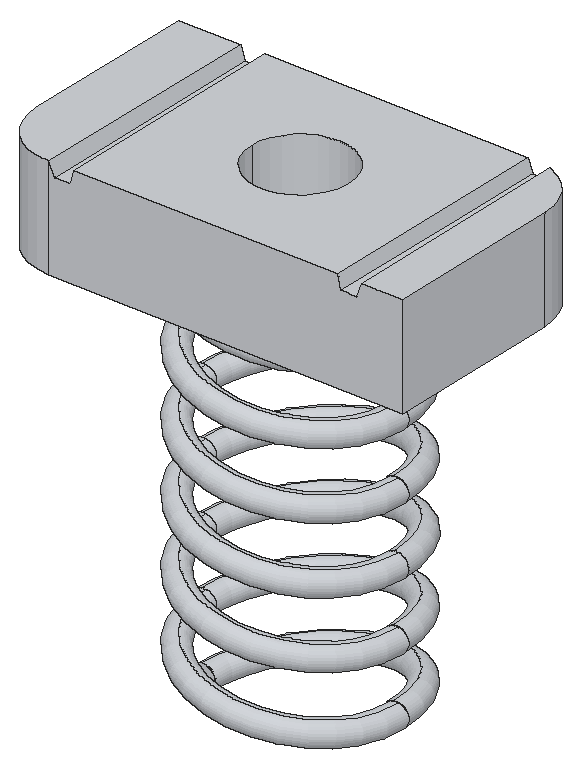
Revit family "CS29", category Generic Models, Revit 2017
Family settings
  Can host rebar = No
  Round Connector Dimension = Use Diameter
  Part Type = Normal
  Work Plane-Based = Yes
  Always vertical = No
  Cut with Voids When Loaded = No
  Shared = No
  Room Calculation Point = No
Parameters (values of type "NBS Standard Parameters")
  Weight = "0.0287Kg"
  WarrantyStartDate [instance] = "1900-12-31T23:59:59"
  WarrantyGuarantorParts = "n/a"
  WarrantyGuarantorLabor = "n/a"
  WarrantyDurationUnit = "year"
  WarrantyDurationParts = "n/a"
  WarrantyDurationLabor = "n/a"
  WarrantyDescription = "n/a"
  Version = "1"
  Uniclass2 = "Pr_65_70_11_19"
  TagNumber [instance] = "n/a"
  SustainabilityPerformance = "n/a"
  Size = "M8"
  Shape = "Rectangular"
  SerialNumber [instance] = "n/a"
  Revision = "n/a"
  ReplacementCost = "n/a"
  ProductInformation = ""
  NominalWidth = 19.5 mm
  NominalLength = 34.5 mm
  NominalHeight = 6 mm
  Name = ""
  NBSTypeID = ""
  NBSReference = "90-55-10/305"
  NBSOfficeMasterTag = ""
  NBSNote = ""
  NBSDescription = "Channel Cable Support"
  NBSCertification = ""
  ModelReference = "CS29"
  ModelNumber = "n/a"
  Material = "Steel"
  ManufacturerURL = "www.metpro.co.uk"
  ManufacturerName = "Metpro Ltd"
  InstallationDate [instance] = "1900-12-31T23:59:59"
  IfcExportType = ""
  IfcExportAs = ""
  Grade = "n/a"
  Finish = "BZP"
  Features = "n/a"
  ExpectedLife = "n/a"
  DurationUnit = "year"
  Description = "NBS standard template"
  Default Elevation = 1219.2 mm
  Constituents = "n/a"
  Color = "n/a"
  CodePerformance = "n/a"
  Category = "n/a"
  BarCode [instance] = "n/a"
  BIMObjectName = "Role_Source_Type_Generic"
  Author = "Metpro limited"
  AssetType = ""
  AssetIdentifier [instance] = "n/a"
  AccessibilityPerformance = "n/a"
Reference planes
  plane 1 "Center (Front/Back)": y = 0
  plane 2: z = 0
  plane 3 "Center (Left/Right)": x = 0
Forms (mm)
  Sweep 1, solid
    path origin (-26.459, 121.193, 18.805) x (0, -1, 0.000002) y (-0.984808, 0, 0.173648)
      loop
        arc (100.907, -53) -> (108.907, -45) -> (100.907, -37) r 8
    profile origin (17.857, 12.285, 10.991) x (0, 1, -0.000002) y (-0.173648, -0.000002, -0.984808)
      loop
        circle (0, 0) r 1
  Sweep 2, solid
    path origin (-26.498, -80.622, 0.404) x (0, 1, -0.000002) y (0.984808, 0, 0.173648)
      loop
        arc (100.907, 53) -> (108.907, 45) -> (100.907, 37) r 8
    profile origin (17.818, 28.285, 8.218) x (0, 1, -0.000002) y (0.173648, -0.000002, -0.984808)
      loop
        circle (0, 0) r 1
  Sweep 3, solid
    path origin (-26.459, 121.193, 13.307) x (0, -1, 0.000002) y (-0.984808, 0, 0.173648)
      loop
        arc (100.907, -53) -> (108.907, -45) -> (100.907, -37) r 8
    profile origin (17.857, 12.285, 5.493) x (0, 1, -0.000002) y (-0.173648, -0.000002, -0.984808)
      loop
        circle (0, 0) r 1
  Sweep 4, solid
    path origin (-26.498, -80.622, -5.094) x (0, 1, -0.000002) y (0.984808, 0, 0.173648)
      loop
        arc (100.907, 53) -> (108.907, 45) -> (100.907, 37) r 8
    profile origin (17.818, 28.285, 2.72) x (0, 1, -0.000002) y (0.173648, -0.000002, -0.984808)
      loop
        circle (0, 0) r 1
  Sweep 5, solid
    path origin (-26.459, 121.193, 7.83) x (0, -1, 0.000002) y (-0.984808, 0, 0.173648)
      loop
        arc (100.907, -53) -> (108.907, -45) -> (100.907, -37) r 8
    profile origin (17.857, 12.285, 0.016) x (0, 1, -0.000002) y (-0.173648, -0.000002, -0.984808)
      loop
        circle (0, 0) r 1
  Sweep 6, solid
    path origin (-26.498, -80.622, -10.571) x (0, 1, -0.000002) y (0.984808, 0, 0.173648)
      loop
        arc (100.907, 53) -> (108.907, 45) -> (100.907, 37) r 8
    profile origin (17.818, 28.285, -2.757) x (0, 1, -0.000002) y (0.173648, -0.000002, -0.984808)
      loop
        circle (0, 0) r 1
  Sweep 7, solid
    path origin (-26.459, 121.193, 2.367) x (0, -1, 0.000002) y (-0.984808, 0, 0.173648)
      loop
        arc (100.907, -53) -> (108.907, -45) -> (100.907, -37) r 8
    profile origin (17.857, 12.285, -5.447) x (0, 1, -0.000002) y (-0.173648, -0.000002, -0.984808)
      loop
        circle (0, 0) r 1
  Sweep 8, solid
    path origin (-26.459, -80.622, -16.034) x (0, 1, -0.000002) y (0.984808, 0, 0.173648)
      loop
        arc (100.907, 53) -> (108.907, 45) -> (100.907, 37) r 8
    profile origin (17.857, 28.285, -8.22) x (0, 1, -0.000002) y (0.173648, -0.000002, -0.984808)
      loop
        circle (0, 0) r 1
  Sweep 9, solid
    path origin (-26.459, 121.193, -3.116) x (0, -1, 0.000002) y (-0.984808, 0, 0.173648)
      loop
        arc (100.907, -53) -> (108.907, -45) -> (100.907, -37) r 8
    profile origin (17.857, 12.285, -10.93) x (0, 1, -0.000002) y (-0.173648, -0.000002, -0.984808)
      loop
        circle (0, 0) r 1
  Sweep 10, solid
    path origin (-26.498, -80.622, -21.517) x (0, 1, -0.000002) y (0.984808, 0, 0.173648)
      loop
        arc (100.907, 53) -> (108.907, 45) -> (100.907, 37) r 8
    profile origin (17.818, 28.285, -13.703) x (0, 1, -0.000002) y (0.173648, -0.000002, -0.984808)
      loop
        circle (0, 0) r 1
  Extrusion 11, solid
    sketch origin (9.979, 20.285, 12.38) x (-0.173648, -0.000002, -0.984808) y (-0.984808, 0, 0.173648)
      loop
        line (0.158, -0.256) -> (-1.146, 1.606) -> (-1.587, -0.891) -> (0.158, -0.256)
    from 0 to 0.704
  Extrusion 12, solid
    sketch origin (11.132, 20.285, 13.788) x (-1, 0, 0) y (0, -1, 0.000002)
      loop
        line (-17.868, -9.846) -> (11.132, -9.846) -> (11.132, 4.654)
        arc (11.132, 4.654) -> (9.668, 8.189) -> (6.132, 9.654) r 5
        line (6.132, 9.654) -> (-22.868, 9.654) -> (-22.868, -4.846)
        arc (-22.868, -4.846) -> (-21.403, -8.382) -> (-17.868, -9.846) r 5
      loop
        circle (-6.725, 0) r 4
    from -2.362 to 5.968
  Blend 13, void
    base sketch origin (11.132, 20.286, 19.755) x (1, 0, 0) y (0, -1, 0.000002)
      loop
        line (-4.351, 10.616) -> (-5.663, 10.616) -> (-5.663, -11.971) -> (-4.351, -11.971) -> (-4.351, 10.616)
    top sketch origin (11.132, 20.286, 19.755) x (1, 0, 0) y (0, -1, 0.000002)
      loop
        line (-3.927, 10.616) -> (-6.171, 10.616) -> (-6.171, -11.971) -> (-3.927, -11.971) -> (-3.927, 10.616)
    from 1.069 to -0.53
  Sweep 14, solid
    path origin (-26.459, 121.193, -8.668) x (0, -1, 0.000002) y (-0.984808, 0, 0.173648)
      loop
        arc (100.907, -53) -> (108.907, -45) -> (100.907, -37) r 8
    profile origin (17.857, 12.285, -16.482) x (0, 1, -0.000002) y (-0.173648, -0.000002, -0.984808)
      loop
        circle (0, 0) r 1
  Sweep 15, solid
    path origin (-26.498, -80.622, -27.069) x (0, 1, -0.000002) y (0.984808, 0, 0.173648)
      loop
        arc (100.907, 53) -> (108.907, 45) -> (100.907, 37) r 8
    profile origin (17.818, 28.285, -19.255) x (0, 1, -0.000002) y (0.173648, -0.000002, -0.984808)
      loop
        circle (0, 0) r 1
  Extrusion 16, void
    sketch origin (-1, 10.632, 13.788) x (-1, 0, 0) y (0, 0.000002, 1)
      loop
        line (-31.246, 4.898) -> (-29.933, 4.898) -> (-29.51, 6.498) -> (-31.754, 6.498) -> (-31.246, 4.898)
    from 0 to 21.624
Cuts and joins
  Blend 13, Extrusion 16 cuts Extrusion 12
Lines and regions (mm)
  model lines
    curve 1: line (26.721, 20.285, 9.428) -> (23.278, 20.285, 9.428)
    curve 2: line (26.721, 20.285, 3.93) -> (23.278, 20.285, 3.93)
    curve 3: line (26.721, 20.285, -1.547) -> (23.278, 20.285, -1.547)
Dimensions and locks
  aligned and locked: level to plane 2
